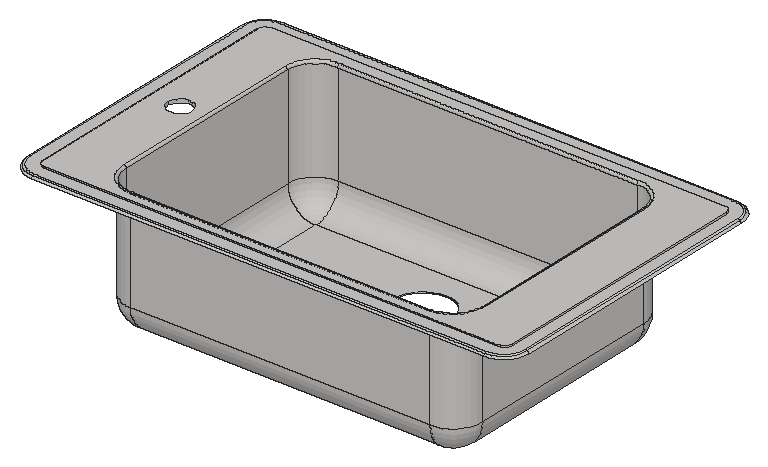
Revit family "Sink-Topmount-Acorn-CD-3120-80_Series", category Plumbing Fixtures, host Face, Revit 2019
Family settings
  Host = Face
  Round Connector Dimension = Use Diameter
  Part Type = Normal
  OmniClass Number = 23.45.05.14.14
  OmniClass Title = Sinks/Lavatories
  Cut with Voids When Loaded = No
  Shared = Yes
  Room Calculation Point = No
Parameters (values of type "CD-3120-80-1")
  Width = 31"  # constant formula
  Waste Connection = no
  WFU = 4  # constant formula
  Vent Connection = no
  URL = "https://www.acorneng.com/home"
  Type Comments = ""
  Slotted Hole Right Depth = 1"
  Slotted Hole Left Depth = 1"
  Bottom Faucet Hole Distance = 4"
  Right Bottom Faucet Hole Depth = 1"
  Product Page URL = ""
  Product Documentation Link = ""
  Model = "CD-3120-80-1"
  Material = "Stainless Steel-Acorn-Satin"  # constant formula
  Manufacturer = "Acorn"
  Length = 19 1/2"  # constant formula
  Top Faucet Hole Distance = 4"
  Right Top Faucet Hole Depth = 1"
  Left Top Faucet Hole Depth = 1"
  Left Central Faucet Hole Depth = 4"
  Left Bottom Faucet Hole Depth = 1"
  Installation Type = "Wall Mounted"
  Height = 8"
  HWFU = 3  # constant formula
  HW Connection = no
  Finish = Stainless Steel-Acorn-Satin
  Drain Opening Size = 3 1/2"  # constant formula
  Description = "Stainless Steel Drop In Sink"
  Default Elevation = 34"
  Creation Date = "23/12/2023"  # constant formula
  Compliance Certifications = "ASME A112.19.3/CSA B45.4, IAPMO® Certified"
  Right Central Faucet Hole Depth = 1"
  CWFU = 3  # constant formula
  CW Connection = no
  Bowl Width = 22"  # constant formula
  Bowl Length = 16"  # constant formula
  Assembly Code = "D2010440"
  -4DR 3 Holes on 4 Centers w/ Slotted Hole Right = no
  -4DL 3 Holes on 4 Centers w/ Slotted Hole Left = no
  -2DR Single Hole Centered w/ Slotted Hole Right = no
  -2DL Single Hole Centered w/ Slotted Hole Left = no
  -1 Single Hole Centered = yes
  -0 Blank, No Deck Punching = no
Types (7): name | Slotted Hole Right Depth | Slotted Hole Left Depth | Right Bottom Faucet Hole Depth | Model | Right Top Faucet Hole Depth | Left Top Faucet Hole Depth | Left Central Faucet Hole Depth | Left Bottom Faucet Hole Depth | Right Central Faucet Hole Depth | -4DR 3 Holes on 4 Centers w/ Slotted Hole Right | -4DL 3 Holes on 4 Centers w/ Slotted Hole Left | -2DR Single Hole Centered w/ Slotted Hole Right | -2DL Single Hole Centered w/ Slotted Hole Left | -1 Single Hole Centered | -0 Blank, No Deck Punching
  (no name) | 1" | 1" | 1" | "CD-3120-80-1" | 1" | 1" | 4" | 1" | 1" | no | no | no | no | yes | no
  CD-3120-80-0 | 1" | 1" | 1" | "CD-3120-80-0" | 1" | 1" | 1" | 1" | 1" | no | no | no | no | no | yes
  CD-3120-80-1 | 1" | 1" | 1" | "CD-3120-80-1" | 1" | 1" | 4" | 1" | 1" | no | no | no | no | yes | no
  CD-3120-80-2DL | 1" | 2" | 1" | "CD-3120-80-2DL" | 1" | 1" | 1" | 1" | 2" | no | no | no | yes | no | no
  CD-3120-80-2DR | 2" | 1" | 1" | "CD-3120-80-2DR" | 1" | 1" | 2" | 1" | 1" | no | no | yes | no | no | no
  CD-3120-80-4DL | 1" | 2" | 2" | "CD-3120-80-4DL" | 2" | 1" | 1" | 1" | 2" | no | yes | no | no | no | no
  CD-3120-80-4DR | 2" | 1" | 1" | "CD-3120-80-4DR" | 1" | 2" | 2" | 2" | 1" | yes | no | no | no | no | no
Reference planes (in)
  plane 1 "Center (Front/Back)": y = 0
  plane 2: z = 0
  plane 3 "Center (Left/Right)": x = 0
  plane 4: z = -8
  plane 5: z = 2
  plane 6: z = 1
  plane 7: z = 1
  plane 8: z = 1
  plane 9: x = -15.48772
  plane 10: x = 15.51228
  plane 11: y = -19.5
  plane 12: y = -9.75
  plane 13: x = -10.98772
  plane 14: x = 11.01228
  plane 15: x = 12.63728
  plane 16: y = -5.75
  plane 17: y = -13.75
  plane 18: y = -17.75
  plane 19: y = -1.75
  plane 20: y = -16
  plane 21: z = 1
  plane 22: z = 1
  plane 23: z = 1
  plane 24: z = 1
  plane 25: z = -2
  plane 26: z = 1
  plane 27: z = 1
  plane 28: z = 1
  plane 29: x = -12.61272
  plane 30: x = -12.86272
  plane 31: x = 12.88728
  plane 32: y = -6.75
Forms (in)
  Extrusion 1, solid, material "Stainless Steel-Acorn-Satin" <- "Finish"
    sketch origin (-14.31366, 1.04906, -3.09717) x (1, 0, 0) y (0, 1, 0)
      loop
        circle (14.31366, -7.79906) r 1.75
      loop
        arc (23.63836, -4.54906) -> (23.62008, -4.50492) -> (23.57594, -4.48664) r 0.06242
        line (23.57594, -4.48664) -> (5.07594, -4.48664)
        arc (5.07594, -4.48664) -> (5.03181, -4.50492) -> (5.01353, -4.54906) r 0.06242
        line (5.01353, -4.54906) -> (5.01353, -17.02449)
        arc (5.01353, -17.02449) -> (5.03181, -17.06862) -> (5.07594, -17.08691) r 0.06242
        line (5.07594, -17.08691) -> (23.57594, -17.08691)
        arc (23.57594, -17.08691) -> (23.62008, -17.06862) -> (23.63836, -17.02449) r 0.06242
        line (23.63836, -17.02449) -> (23.63836, -4.54906)
    from -4.90302 to -4.84052
  Sweep 2, solid, material "Stainless Steel-Acorn-Satin" <- "Finish"
    path origin (4.26228, 0.25, 0) x (1, 0, 0) y (0, 1, 0)
      loop
        line (-15.25, -3.75) -> (-15.25, -16.22543)
        arc (-15.25, -16.22543) -> (-14.73744, -17.46287) -> (-13.5, -17.97543) r 1.75
        line (-13.5, -17.97543) -> (5, -17.97543)
        arc (5, -17.97543) -> (6.23744, -17.46287) -> (6.75, -16.22543) r 1.75
        line (6.75, -16.22543) -> (6.75, -3.75)
        arc (6.75, -3.75) -> (6.23744, -2.51256) -> (5, -2) r 1.75
        line (5, -2) -> (-13.5, -2)
        arc (-13.5, -2) -> (-14.73744, -2.51256) -> (-15.25, -3.75) r 1.75
    profile origin (-10.98772, -9.73772, 0) x (1, 0, 0) y (0, 0, 1)
      loop
        line (-0.15271, 0.19073) -> (-0.21339, 0.19073) -> (-0.21339, 0.09375) -> (-0.11121, 0.09375)
        arc (-0.11121, 0.09375) -> (-0.07671, 0.07946) -> (-0.06242, 0.04495) r 0.0488
        line (-0.06242, 0.04495) -> (-0.06242, -6.25019)
        arc (-0.06242, -6.25019) -> (0.45015, -7.48762) -> (1.68758, -8.00019) r 1.75
        line (1.68758, -8.00019) -> (1.68758, -7.93769)
        arc (1.68758, -7.93769) -> (0.49434, -7.44343) -> (0.00008, -6.25019) r 1.6875
        line (0.00008, -6.25019) -> (0.00008, 0.03794)
        arc (0.00008, 0.03794) -> (-0.04467, 0.14598) -> (-0.15271, 0.19073) r 0.15279
  Extrusion 3, solid, material "Stainless Steel-Acorn-Satin" <- "Finish"
    sketch origin (4.51228, 0.25, 0) x (1, 0, 0) y (0, 1, 0)
      loop
        arc (-18.5, -1.21613) -> (-18.86013, -1.3653) -> (-19.0093, -1.72543) r 0.5093
        line (-19.0093, -1.72543) -> (-19.0093, -18.22543)
        arc (-19.0093, -18.22543) -> (-18.86013, -18.58556) -> (-18.5, -18.73473) r 0.5093
        line (-18.5, -18.73473) -> (9.5, -18.73473)
        arc (9.5, -18.73473) -> (9.86013, -18.58556) -> (10.0093, -18.22543) r 0.5093
        line (10.0093, -18.22543) -> (10.0093, -1.72543)
        arc (10.0093, -1.72543) -> (9.86013, -1.3653) -> (9.5, -1.21613) r 0.5093
        line (9.5, -1.21613) -> (-18.5, -1.21613)
      loop
        arc (-13.75, -1.78661) -> (-15.13833, -2.36167) -> (-15.71339, -3.75) r 1.96339
        line (-15.71339, -3.75) -> (-15.71339, -16.22543)
        arc (-15.71339, -16.22543) -> (-15.13833, -17.61376) -> (-13.75, -18.18882) r 1.96339
        line (-13.75, -18.18882) -> (4.75, -18.18882)
        arc (4.75, -18.18882) -> (6.13833, -17.61376) -> (6.71339, -16.22543) r 1.96339
        line (6.71339, -16.22543) -> (6.71339, -3.75)
        arc (6.71339, -3.75) -> (6.13833, -2.36167) -> (4.75, -1.78661) r 1.96339
        line (4.75, -1.78661) -> (-13.75, -1.78661)
    from 0 to 0.19111
  Extrusion 4, void
    sketch origin (0, 0, 0) x (1, 0, 0) y (0, 1, 0)
      loop
        line (-15.48772, -1.5) -> (-15.48772, -17.97543)
        arc (-15.48772, -17.97543) -> (-15.04118, -19.05346) -> (-13.96315, -19.5) r 1.52457
        line (-13.96315, -19.5) -> (13.61272, -19.5)
        arc (13.61272, -19.5) -> (14.95591, -18.94363) -> (15.51228, -17.60043) r 1.89957
        line (15.51228, -17.60043) -> (15.51228, -1.47543)
        arc (15.51228, -1.47543) -> (15.08014, -0.43214) -> (14.03685, 0) r 1.47543
        line (14.03685, 0) -> (-13.98772, 0)
        arc (-13.98772, 0) -> (-15.04838, -0.43934) -> (-15.48772, -1.5) r 1.5
    from -21.11575 to 12
  Sweep 5, solid, material "Stainless Steel-Acorn-Satin" <- "Finish"
    path origin (4.51228, 0, 0) x (1, 0, 0) y (0, 1, 0)
      loop
        arc (-18.52457, 0) -> (-19.56786, -0.43214) -> (-20, -1.47543) r 1.47543
        line (-20, -1.47543) -> (-20, -18)
        arc (-20, -18) -> (-19.56066, -19.06066) -> (-18.5, -19.5) r 1.5
        line (-18.5, -19.5) -> (9.47543, -19.5)
        arc (9.47543, -19.5) -> (10.55346, -19.05346) -> (11, -17.97543) r 1.52457
        line (11, -17.97543) -> (11, -1.5)
        arc (11, -1.5) -> (10.56066, -0.43934) -> (9.5, 0) r 1.5
        line (9.5, 0) -> (-18.52457, 0)
    profile origin (0, 0, 0) x (0, 1, 0) y (0, 0, 1)
      loop
        line (0.00343, 0) -> (-0.1037, 0.08676)
        arc (-0.1037, 0.08676) -> (-0.15899, 0.11772) -> (-0.22144, 0.12845) r 0.18708
        line (-0.22144, 0.12845) -> (-0.9907, 0.12845) -> (-0.9907, 0) -> (0.00343, 0)
  Extrusion 6, void
    sketch origin (4.51228, 0, 0) x (1, 0, 0) y (0, 1, 0)
      loop
        circle (-17.375, -16) r 0.75
    from 1 to 2
  Extrusion 7, void
    sketch origin (4.51228, 0, 0) x (1, 0, 0) y (0, 1, 0)
      loop
        circle (8.125, -5.75) r 0.75
    from 1 to 2
  Extrusion 8, void
    sketch origin (4.51228, -2, 0) x (1, 0, 0) y (0, 1, 0)
      loop
        circle (8.125, -7.75) r 0.75
    from 1 to 2
  Extrusion 9, void
    sketch origin (4.51228, -4, 0) x (1, 0, 0) y (0, 1, 0)
      loop
        circle (8.125, -9.75) r 0.75
    from 1 to 2
  Extrusion 10, void
    sketch origin (-12.48772, 0, 0) x (1, 0, 0) y (0, 1, 0)
      loop
        circle (-0.125, -5.75) r 0.75
    from 1 to 2
  Extrusion 11, void
    sketch origin (-12.48772, -2, 0) x (1, 0, 0) y (0, 1, 0)
      loop
        circle (-0.125, -7.75) r 0.75
    from -2 to 2
  Extrusion 12, void
    sketch origin (-12.48772, -4, 0) x (1, 0, 0) y (0, 1, 0)
      loop
        circle (-0.125, -9.75) r 0.75
    from 1 to 2
  Extrusion 13, void
    sketch origin (4.51228, 0, 0) x (-1, 0, 0) y (0, -1, 0)
      loop
        circle (-8.375, 16) r 0.75
    from 1 to 2
Cuts and joins
  Extrusion 6 cuts Sweep 5
  Extrusion 6, Extrusion 7, Extrusion 10, Extrusion 11, Extrusion 12, Extrusion 13 cuts Extrusion 1
  Extrusion 6, Extrusion 7, Extrusion 8, Extrusion 10, Extrusion 11, Extrusion 12, Extrusion 13 cuts Sweep 2
  Extrusion 6, Extrusion 7, Extrusion 8, Extrusion 9, Extrusion 10, Extrusion 11, Extrusion 12, Extrusion 13 cuts Extrusion 3
  joined: Extrusion 1, Sweep 2, Extrusion 3
Dimensions and locks (in)
  host face to plane 4 = 8"
  "Right Top Faucet Hole Depth": plane 5 to plane 6
  "Right Bottom Faucet Hole Depth": plane 5 to plane 8
  "Right Central Faucet Hole Depth": plane 5 to plane 7
  "Length": plane 11 to plane 1 "Center (Front/Back)"
  "Width": plane 9 to plane 10
  plane 13 to plane 3 "Center (Left/Right)" = 10.98772"
  "Bowl Width": plane 13 to plane 14
  plane 14 to plane 15 = 1 5/8"
  "Top Faucet Hole Distance": plane 16 to plane 12
  "Bottom Faucet Hole Distance": plane 12 to plane 17
  locked: plane 18 to plane 11 at 1.75
  "Bowl Length": plane 19 to plane 18
  plane 20 to plane 18 = 1 3/4"
  plane 9 to plane 13 = 4 1/2"
  "Right Top Faucet Hole Depth": plane 5 to plane 21
  "Right Central Faucet Hole Depth": plane 5 to plane 22
  "Right Bottom Faucet Hole Depth": plane 5 to plane 23
  "Left Top Faucet Hole Depth": plane 5 to plane 24
  "Left Central Faucet Hole Depth": plane 5 to plane 25
  "Left Bottom Faucet Hole Depth": plane 5 to plane 26
  "Slotted Hole Right Depth": plane 5 to plane 28
  "Slotted Hole Left Depth": plane 5 to plane 27
  plane 29 to plane 13 = 1 5/8"
  plane 30 to plane 13 = 1 7/8"
  plane 14 to plane 31 = 1 7/8"
  plane 19 to plane 32 = 5"
  plane 32 to plane 12 = 3"
  aligned and locked: host face to plane 2
  aligned and locked: host face to level
  aligned and locked: plane 20 to Extrusion 6 sketch curve
  aligned and locked: Sweep 2 sketch curve to plane 19
  aligned and locked: plane 15 to Extrusion 7 sketch curve
  aligned and locked: plane 16 to Extrusion 7 sketch curve
  aligned and locked: plane 5 to Extrusion 7
  aligned and locked: Extrusion 7 to plane 21
  aligned and locked: plane 12 to Extrusion 8 sketch curve
  aligned and locked: plane 15 to Extrusion 8 sketch curve
  aligned and locked: plane 17 to Extrusion 9 sketch curve
  aligned and locked: plane 15 to Extrusion 9 sketch curve
  aligned and locked: plane 22 to Extrusion 8
  aligned and locked: Extrusion 9 to plane 23
  aligned and locked: plane 5 to Extrusion 9
  aligned and locked: plane 5 to Extrusion 8
  aligned and locked: plane 20 to Extrusion 13 sketch curve
  aligned and locked: plane 5 to Extrusion 10
  aligned and locked: plane 5 to Extrusion 11
  aligned and locked: plane 5 to Extrusion 12
  aligned and locked: plane 5 to Extrusion 13
  aligned and locked: plane 5 to Extrusion 6
  aligned and locked: Extrusion 10 to plane 24
  aligned and locked: Extrusion 11 to plane 25
  aligned and locked: Extrusion 12 to plane 26
  aligned and locked: Extrusion 6 to plane 27
  aligned and locked: Extrusion 13 to plane 28
  aligned and locked: plane 16 to Extrusion 10 sketch curve
  aligned and locked: plane 12 to Extrusion 11 sketch curve
  aligned and locked: plane 17 to Extrusion 12 sketch curve
  aligned and locked: plane 3 "Center (Left/Right)" to Extrusion 1 sketch curve
  aligned and locked: plane 32 to Extrusion 1 sketch curve
  aligned and locked: plane 29 to Extrusion 10 sketch curve
  aligned and locked: plane 29 to Extrusion 11 sketch curve
  aligned and locked: plane 29 to Extrusion 12 sketch curve
  aligned and locked: plane 30 to Extrusion 6 sketch curve
  aligned and locked: plane 31 to Extrusion 13 sketch curve
Automatic sketch dimensions
  host sketch curve to host sketch curve = 161.60125"
  host sketch curve to host sketch curve = 96"
  plane 13 to Extrusion 1 sketch curve = 1 3/4"  (x2)
  plane 20 to Extrusion 1 sketch curve = 0.02457"  (x2)
  Extrusion 1 sketch curve to Extrusion 1 sketch curve = 0.06242"
  plane 14 to Extrusion 1 sketch curve = 1 3/4"  (x2)
  Extrusion 1 sketch curve to plane 19 = 1 3/4"
  Sweep 2 sketch curve to plane 13 = 0"
  Sweep 2 sketch curve to plane 14 = 0"
  plane 20 to Sweep 2 sketch curve = 0.02457"
  Sweep 2 sketch curve to Sweep 2 sketch curve = 1 3/4"
  plane 13 to Sweep 2 sketch curve = 1 3/4"
  plane 14 to Sweep 2 sketch curve = 1 3/4"  (x2)
  Sweep 2 sketch curve to Sweep 2 sketch curve = 0"  (x2)
  profile plane to Sweep 2 sketch curve = 0.21339"
  Sweep 2 sketch curve to Sweep 2 sketch curve = 0.06068"
  Sweep 2 sketch curve to Sweep 2 sketch curve = 0.0415"
  profile plane to Sweep 2 sketch curve = 0.06242"
  Sweep 2 sketch curve to profile plane = 0.00008"
  Sweep 2 sketch curve to Sweep 2 sketch curve = 1 11/16"
  Sweep 2 sketch curve to profile plane = 8.00019"
  profile plane to Sweep 2 sketch curve = 0.03794"
  Sweep 2 sketch curve to Sweep 2 sketch curve = 0.00701"
  Extrusion 4 sketch curve to plane 9 = 0"
  plane 1 "Center (Front/Back)" to Extrusion 4 sketch curve = 0"
  Extrusion 4 sketch curve to plane 11 = 0"
  Extrusion 4 sketch curve to plane 10 = 0"
  Extrusion 4 sketch curve to plane 18 = 0.22543"
  plane 15 to Extrusion 4 sketch curve = 0.97543"
  plane 19 to Extrusion 4 sketch curve = 0.27457"
  Sweep 5 sketch curve to plane 9 = 0"
  plane 1 "Center (Front/Back)" to Sweep 5 sketch curve = 0"
  Sweep 5 sketch curve to plane 11 = 0"
  Sweep 5 sketch curve to plane 10 = 0"
  plane 19 to Sweep 5 sketch curve = 0.27457"
  Sweep 5 sketch curve to plane 18 = 0.22543"
  plane 19 to Sweep 5 sketch curve = 1/4"
  Sweep 5 sketch curve to level = 0"
  profile plane to Sweep 5 sketch curve = 0.9907"
  level to Sweep 5 sketch curve = 0.12845"
  profile plane to Sweep 5 sketch curve = 0.22144"
  level to Sweep 5 sketch curve = 0.08676"
  profile plane to Sweep 5 sketch curve = 0.1037"
  Sweep 5 sketch curve to profile plane = 0.00343"
  plane 9 to Extrusion 4 sketch curve = 1 1/2"
  plane 9 to Sweep 5 sketch curve = 1 1/2"
  plane 19 to Extrusion 3 sketch curve = 0.27457"  (x2)
  plane 9 to Extrusion 3 sketch curve = 0.9907"
  Extrusion 3 sketch curve to Extrusion 3 sketch curve = 0.5093"  (x2)
  Extrusion 3 sketch curve to plane 18 = 0.22543"  (x2)
  Extrusion 3 sketch curve to plane 13 = 0.21339"
  plane 20 to Extrusion 3 sketch curve = 0.02457"  (x2)
  plane 13 to Extrusion 3 sketch curve = 1 3/4"  (x2)
  plane 19 to Extrusion 3 sketch curve = 0.21339"
  plane 14 to Extrusion 3 sketch curve = 1 3/4"  (x2)
  Extrusion 3 sketch curve to plane 31 = 1 1/8"
  radius of Extrusion 1 sketch curve = 1 3/4"
  radius of Extrusion 6 sketch curve = 3/4"
  radius of Extrusion 7 sketch curve = 3/4"
  radius of Extrusion 8 sketch curve = 3/4"
  radius of Extrusion 9 sketch curve = 3/4"
  radius of Extrusion 10 sketch curve = 3/4"
  radius of Extrusion 11 sketch curve = 3/4"
  radius of Extrusion 12 sketch curve = 3/4"
  radius of Extrusion 13 sketch curve = 3/4"
